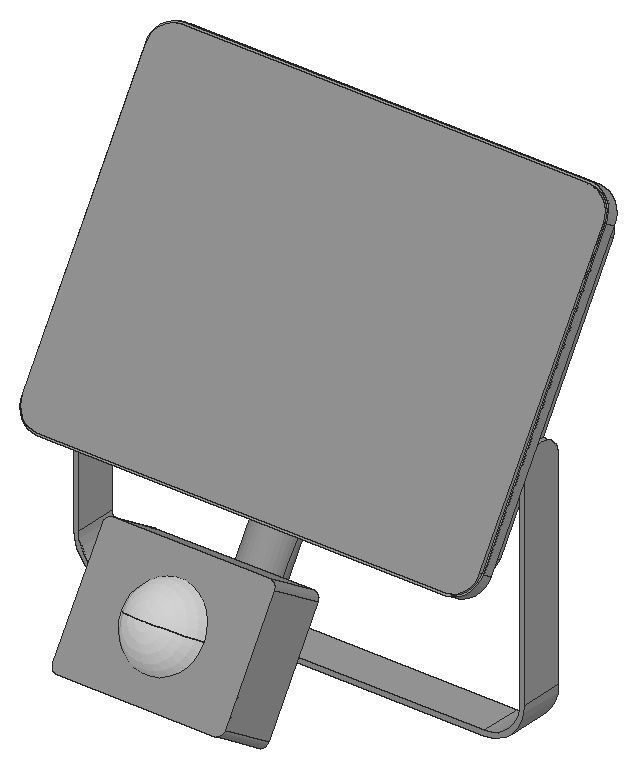
Revit family "0048243", category Lighting Fixtures, host Face, Revit 2016
Family settings
  Host = Face
  Part Type = Normal
  Round Connector Dimension = Use Diameter
  OmniClass Number = 23.80.70.00
  OmniClass Title = Lighting
  Cut with Voids When Loaded = No
  Light Source = No
  Shared = No
  Room Calculation Point = No
Parameters (values of type "0048243 START eco Flood Flat IP54 PIR 4500lm 840 White")
  WidthBracketIn_SYL = if([10W_SYL], 102.2 mm, if([30W_SYL], 143.3 mm, if([50W_SYL], 181 mm, 262.8 mm)))  # 181 mm
  Weight = "4.25 kg"
  Wattage Comments = ""
  WarrantyStartDate [instance] = "n/a"
  WarrantyGuarantorParts = "n/a"
  WarrantyDurationUnit = "n/a"
  WarrantyDurationParts = "n/a"
  WarrantyDescription = "n/a"
  Voltage = 0 V
  URL = "http://www.sylvania-lighting.com"
  TypeName = "START eco Flood Flat IP54 PIR 4500lm 840 White"
  TypeLight_SYL = START eco Flood Flat Lamp : 0048243 START eco Flood Flat IP54 PIR 4500lm 840 White
  Type Image = <None>
  Type Comments = "n/a"
  ThicknessBracket_SYL = if([10W_SYL], 1.5 mm, 2 mm)  # 2 mm
  SerialNumber [instance] = "n/a"
  RotationAngle_SYL [instance] = 32.00°
  RadiusBracket_SYL = if([10W_SYL], 7.7 mm, if([30W_SYL], 8 mm, if([50W_SYL], 17 mm, 14 mm)))  # 17 mm
  RadiusBracketIn_SYL = RadiusBracket_SYL - ThicknessBracket_SYL  # 15 mm
  OffsetAxis_SYL = DepthBracket_SYL / 2  # 8.5 mm
  PowerFactor = 0.9
  PowerConsumption = "51 W"
  NominalLength = 193 mm
  NominalHeight = 70 mm
  NominalDepth = 216 mm
  Name = "START eco Flood Flat IP54 PIR 4500lm 840 White"
  ModelReference = Name  # "START eco Flood Flat IP54 PIR 4500lm 840 White"
  ModelNumber = "0048243"
  Model = Name  # "START eco Flood Flat IP54 PIR 4500lm 840 White"
  Material = "adc12 housing"
  ManufacturerName = "Feilo Sylvania"
  Manufacturer = "Feilo Sylvania"
  LuminousEfficacy = "93 lm/W"
  LuminaireType = ""
  LightOutputRatio = "n/a"
  LampsType = Lamp  # "LED"
  LampNominalLuminous = "4750 lm"
  LampMacAdamStep = "n/a"
  LampColourTemperature = "4000 K"
  LampColourRenderingIndex = "80"
  Lamp = "LED"
  Keynote = "16500"
  InstallationDate [instance] = "n/a"
  InputVoltage = "n/a"
  InputNominalFrequency = "n/a"
  IngressProtection = "IP54"
  ImpactProtectionIndex = "IK05"
  IfcExportType = "IfcLightFixtureType"
  IfcExportAs = "IfcLightFixtureType"
  HeightBracket_SYL = if([10W_SYL], 55 mm, if([30W_SYL], 70 mm, if([50W_SYL], 110 mm, 141 mm)))  # 110 mm
  ExpectedLife = 30000
  EndAngle_SYL [instance] = RotationAngle_SYL + 180.00°  # 212.00°
  ElectricShockClassification = "Class I"
  DurationUnit = "hours"
  DocumentationLiterature = "http://www.sylvania-lighting.com/product/en-int/products/0048243"
  DimmingControlOptions = "n/a"
  Description = "The new Start eco Flood Flat comes with improved design. The streamlined, durable, lightweight die-cast aluminium body makes it a perfect choice for building facades, car parks, garages and construction areas. The product includes 1 m pre-wired stripped cable and fitting bracket for quick and easy installation and the universal mounting bracket allows wall or surface mounting with the possibility of vertical tilting. Black die-cast aluminum housing, white reflector, 4750 lm, 51 W, 93 lm/W, 4000K, drive current 193 mA, non dimmable, CRI>80, IP54, IK07 - fixture, IK05 - sensor, Class I, lumen maintenance L70:B50: 30000 hrs, 193 x 216 x 70 mm (L x W x H). Weight: 0.85kg.  PIR sensor included. Energy class: A++ A+ A."
  DepthBracket_SYL = if([10W_SYL], 15 mm, if([30W_SYL], 15 mm, if([50W_SYL], 17 mm, 25 mm)))  # 17 mm
  Default Elevation = 1219.2 mm
  CreatedOn = "10/8/2018"
  CreatedBy = "@sylvania-lighting.com"
  Cost = 0
  built-in parameter 1114216 [instance] = (empty or 0)
  ClassificationValue = "EF_70_80"
  ClassificationName = "Uniclass2015"
  Material_1_SYL = Body-Sylvania-FloodFlat-Black
  BarCode [instance] = "n/a"
  AssetType = "Fixed"
  AssetIdentifier [instance] = "n/a"
  Assembly Code = "D5020200"
  Apparent Load = 51 VA
  50W_SYL = yes
  30W_SYL = no
  10W_SYL = no
Reference planes
  plane 1 "Center (Front/Back)": y = 0
  plane 2: z = 0
  plane 3 "Center (Left/Right)": x = 0
  plane 4: x = -92.5
  plane 5: x = 92.5
  plane 6: z = 110
  plane 7: z = 101.5
  plane 8: x = -90.5
  plane 9: x = 90.5
  plane 10: z = 2
  plane 11: y = 8.5
  plane 12: y = -8.5
  plane 13: x = -75.5
  plane 14: z = 17
  plane 15: x = 75.5
  plane 16: y = -10.5
  plane 17: z = 112
  plane 18: y = 10.5
Forms (mm)
  Extrusion 1, solid, material "Body-Sylvania-FloodFlat-Black" <- "Material_1_SYL"
    sketch origin (0, 0, 0) x (1, 0, 0) y (0, 0, 1)
      loop
        line (-90.5, 110) -> (-92.5, 110) -> (-92.5, 17)
        arc (-92.5, 17) -> (-87.521, 4.979) -> (-75.5, 0) r 17
        line (-75.5, 0) -> (75.5, 0)
        arc (75.5, 0) -> (87.521, 4.979) -> (92.5, 17) r 17
        line (92.5, 17) -> (92.5, 110) -> (90.5, 110) -> (90.5, 17)
        arc (90.5, 17) -> (86.107, 6.393) -> (75.5, 2) r 15
        line (75.5, 2) -> (-75.5, 2)
        arc (-75.5, 2) -> (-86.107, 6.393) -> (-90.5, 17) r 15
        line (-90.5, 17) -> (-90.5, 110)
    from -8.5 to 8.5
  Extrusion 2, void
    sketch origin (0, 0, 0) x (0, 1, 0) y (0, 0, 1)
      loop
        line (8.5, 101.5) -> (10.5, 101.5) -> (10.5, 112) -> (-10.5, 112) -> (-10.5, 101.5) -> (-8.5, 101.5)
        arc (-8.5, 101.5) -> (0, 110) -> (8.5, 101.5) r 8.5
    from -92.5 to 92.5
  Revolve 3, solid, not visible
    sketch origin (0, 0, 0) x (1, 0, 0) y (0, 0, 1)
      loop
        line (0, 101.5) -> (0, 110) -> (-12.336, 110) -> (-12.336, 101.5) -> (0, 101.5)
      axis (0, 101.5) -> (-12.336, 101.5)
    angle from 32 <- "RotationAngle_SYL" to 212 <- "EndAngle_SYL"
Cuts and joins
  Extrusion 2 cuts Extrusion 1
Dimensions and locks
  equal spacing: plane 9, plane 3 "Center (Left/Right)", plane 8
  "WidthBracketIn_SYL": plane 9 to plane 8
  "ThicknessBracket_SYL": plane 8 to plane 4
  "ThicknessBracket_SYL": plane 5 to plane 9
  "ThicknessBracket_SYL": plane 10 to plane 2
  equal spacing: plane 12, plane 1 "Center (Front/Back)", plane 11
  "DepthBracket_SYL": plane 12 to plane 11
  "OffsetAxis_SYL": plane 7 to plane 6
  "HeightBracket_SYL": plane 6 to plane 2
  "RadiusBracket_SYL": plane 14 to plane 2
  equal spacing: plane 15, plane 3 "Center (Left/Right)", plane 13
  "RadiusBracket_SYL": plane 13 to plane 4
  equal spacing: plane 16, plane 1 "Center (Front/Back)", plane 18
  locked: plane 16 to plane 12 at 2
  locked: plane 6 to plane 17 at 2
  "RadiusBracket_SYL": radius of Extrusion 1 sketch curve  (x2)
  "RadiusBracketIn_SYL": radius of Extrusion 1 sketch curve  (x2)
  aligned and locked: plane 2 to host face
  aligned and locked: level to host face
  aligned and locked: Extrusion 1 sketch curve to plane 6  (x2)
  aligned and locked: Extrusion 1 sketch curve to plane 4
  aligned and locked: plane 5 to Extrusion 1 sketch curve
  aligned and locked: Extrusion 1 sketch curve to plane 9
  aligned and locked: Extrusion 1 sketch curve to plane 2
  aligned and locked: plane 13 to Extrusion 1 sketch curve
  aligned and locked: plane 14 to Extrusion 1 sketch curve  (x2)
  aligned and locked: plane 15 to Extrusion 1 sketch curve
  aligned and locked: Extrusion 1 to plane 11
  aligned and locked: plane 12 to Extrusion 1
  aligned and locked: plane 11 to Extrusion 2 sketch curve
  aligned and locked: plane 1 "Center (Front/Back)" to Extrusion 2 sketch curve
  aligned and locked: plane 7 to Extrusion 2 sketch curve
  aligned and locked: plane 17 to Extrusion 2 sketch curve
  aligned and locked: plane 18 to Extrusion 2 sketch curve
  aligned and locked: Extrusion 2 sketch curve to plane 16
  aligned and locked: Extrusion 2 sketch curve to plane 7  (x2)
  aligned and locked: plane 5 to Extrusion 2
  aligned and locked: Extrusion 2 to plane 4
  aligned and locked: Revolve 3 sketch curve to plane 7  (x2)
  aligned and locked: Revolve 3 sketch curve to plane 3 "Center (Left/Right)"
  aligned and locked: plane 6 to Revolve 3 sketch curve
  aligned and locked: plane 3 "Center (Left/Right)" to nested 1
Automatic sketch dimensions
  host sketch curve to host sketch curve = 2438.4 mm  (x2)
  Revolve 3 sketch curve to plane 3 "Center (Left/Right)" = 12.336 mm
  Revolve 3 sketch curve to plane 4 = 1122.5 mm
  plane 5 to Revolve 3 sketch curve = 1130.9 mm
Nested families
  nested 1: "START eco Flood Flat Lamp" at (0, 11.155, 119.351) x (1, 0, 0) z (0, -0.848, 0.5299), type <- "TypeLight_SYL", type "0048243 START eco Flood Flat IP54 PIR 4500lm 840 White"
    with built-in parameter 1114216 (empty or 0), Width_SYL 189 mm, WidthLEDBoard_SYL 80 mm, WidthVignette_SYL 157 mm, WidthBoltHousing_SYL 16 mm, ThicknessScreen_SYL 5.4 mm, RotationAxisFromTop_SYL 91.3 mm, RadiusLEDBoard_SYL 1.9 mm, RadiusDiffuser_SYL 9.9 mm, RadiusCorners_SYL 10.7 mm, RadiusBoltHousing_SYL 5 mm, RadiusBack_SYL 8.033 mm, RadiusBackB_SYL 6.033 mm, PIR_SYL yes, OffsetYBack_SYL 7.625 mm, OffsetYBackB_SYL 1.906 mm, OffsetXBack_SYL 8 mm, OffsetXBackB_SYL 2 mm, OffsetBoltHousing_SYL 4 mm, InsertionPlaneFromTop_SYL 14.8 mm, Height_SYL 140.5 mm, HeightVignette_SYL 110 mm, HeightLEDBoard_SYL 56 mm, DepthLEDBoard_SYL 2.478 mm, DepthBack_SYL 16.9 mm, RadiusVignette_SYL 4.1 mm, DepthReflector_SYL 11.15 mm, Apparent Load 51 VA, 50W_SYL yes
Connectors
  electrical at (0, 0, 0), driven by "Apparent Load", driven by "PowerFactor", driven by "Voltage"
    settings: index 1, voltage 0 V, apparent load 51 VA, apparent load phase1 0 VA, apparent load phase2 0 VA, apparent load phase3 0 VA, power factor 0.9, load classification "Lighting", number of poles 1, system type 30, power factor state 1, is connector primary yes, connector utility no, sub classification motor no, connector description ""
Definition of nested family "START eco Flood Flat Lamp"
  Parameters (values of type "0047977 ST E FLD FLT IP65 9000LM 840")
    Width_SYL = if([10W_SYL], 110 mm, if([30W_SYL], 151 mm, if([50W_SYL], 189 mm, 275 mm)))  # 275 mm
    WidthLEDBoard_SYL = if([10W_SYL], 40 mm, if([30W_SYL], 83 mm, if([50W_SYL], 80 mm, 180 mm)))  # 180 mm
    WidthVignette_SYL = if([10W_SYL], 78.6 mm, if([30W_SYL], 120 mm, if([50W_SYL], 157 mm, 226 mm)))  # 226 mm
    WidthBoltHousing_SYL = 4 * OffsetBoltHousing_SYL  # 24.5 mm
    Wattage Comments = "n/a"
    Wattage = 100 W
    built-in parameter 1150110 = 1 (stored number, unit not read)
    URL = "http://www.sylvania-lighting.com"
    Type Image = (empty or 0)
    Type Comments = "n/a"
    built-in parameter 1114217 = 1 (stored number, unit not read)
    Tilt Angle = -90.00°
    ThicknessScreen_SYL = if([10W_SYL], 5 mm, if([30W_SYL], 5.2 mm, if([50W_SYL], 5.4 mm, 6.1 mm)))  # 6.1 mm
    ThicknessDiffuser_SYL = 0.8 mm  # constant formula
    built-in parameter 1150109 = 1 (stored number, unit not read)
    built-in parameter 1150134 = 12
    built-in parameter 1150113 = 1 (stored number, unit not read)
    RotationAxisFromTop_SYL = if([10W_SYL], 48.8 mm, if([30W_SYL], 61.7 mm, if([50W_SYL], 91.3 mm, 133.4 mm)))  # 133.4 mm
    RadiusLEDBoard_SYL = if([10W_SYL], 1.5 mm, if([30W_SYL], 2 mm, if([50W_SYL], 1.9 mm, 3.7 mm)))  # 3.7 mm
    RadiusDiffuser_SYL = RadiusCorners_SYL - ThicknessDiffuser_SYL  # 13.4 mm
    RadiusCorners_SYL = if([10W_SYL], 10.5 mm, if([30W_SYL], 10.7 mm, if([50W_SYL], 10.7 mm, 14.2 mm)))  # 14.2 mm
    RadiusBoltHousing_SYL = if([10W_SYL], 4.1 mm, if([30W_SYL], 4.9 mm, if([50W_SYL], 5 mm, 8.1 mm)))  # 8.1 mm
    RadiusBack_SYL = RadiusCorners_SYL - OffsetXBack_SYL / 3  # 10.117 mm
    RadiusBackB_SYL = RadiusBack_SYL - OffsetXBackB_SYL  # 7.054 mm
    Photometric Web File = "0047977.ies"
    PIR_SYL = no
    PIRHolderRadius_SYL = PIRBaseFillet_SYL + 2 mm  # 11 mm
    PIRFillet_SYL = 3 mm  # constant formula
    PIRBaseWidth_SYL = 38 mm
    PIRBaseFillet_SYL = PIRBaseDepth_SYL / 2  # 9 mm
    PIRBaseDepth_SYL = 18 mm
    OffsetYBack_SYL = (Height_SYL - HeightVignette_SYL) / 4  # 11 mm
    OffsetYBackB_SYL = OffsetYBack_SYL / 4  # 2.75 mm
    OffsetXBack_SYL = (Width_SYL - WidthVignette_SYL) / 4  # 12.25 mm
    OffsetXBackB_SYL = OffsetXBack_SYL / 4  # 3.063 mm
    OffsetBoltHousing_SYL = OffsetXBack_SYL / 2  # 6.125 mm
    Material_7_SYL = none
    Material_6_SYL = none
    Material_5_SYL = none
    Material_3_SYL = none
    Model = "START eco Flood Flat IP65 9000lm 840"
    Manufacturer = "Feilo Sylvania"
    built-in parameter 1150105 = 3437 (stored number, unit not read)
    Lumens = 9500 lm
    built-in parameter 1150115 = 1 (stored number, unit not read)
    built-in parameter 1150137 = (empty or 0)
    built-in parameter 1150139 = (empty or 0)
    built-in parameter 1150112 = 1 (stored number, unit not read)
    built-in parameter 1150114 = 1 (stored number, unit not read)
    Lamp = "LED"
    Keynote = "16500"
    Material_2_SYL = none
    InsertionPlaneFromTop_SYL = if([10W_SYL], 15.1 mm, if([30W_SYL], 14.5 mm, if([50W_SYL], 14.8 mm, 19.3 mm)))  # 19.3 mm
    built-in parameter 1150132 = (empty or 0)
    built-in parameter 1150102 = (empty or 0)
    built-in parameter 1150107 = 4000 (stored number, unit not read)
    built-in parameter 1150138 = (empty or 0)
    built-in parameter 1150106 = 34.37 (stored number, unit not read)
    Height_SYL = if([10W_SYL], 81.6 mm, if([30W_SYL], 112 mm, if([50W_SYL], 140.5 mm, 211 mm)))  # 211 mm
    HeightVignette_SYL = if([10W_SYL], 50 mm, if([30W_SYL], 81 mm, if([50W_SYL], 110 mm, 167 mm)))  # 167 mm
    HeightLEDBoard_SYL = if([10W_SYL], 25 mm, if([30W_SYL], 39 mm, if([50W_SYL], 56 mm, 132 mm)))  # 132 mm
    Emit from Rectangle Width = HeightVignette_SYL - 2 * RadiusVignette_SYL  # 146.2 mm
    Emit from Rectangle Length = WidthVignette_SYL - 2 * RadiusVignette_SYL  # 205.2 mm
    Emit Shape Visible in Rendering = no
    built-in parameter 1150104 = 8.8258 (stored number, unit not read)
    Dimming Lamp Color Temperature Shift = (empty or 0)
    DepthLEDBoard_SYL = (ThicknessScreen_SYL + DepthBack_SYL) / 9  # 2.289 mm
    DepthBack_SYL = if([10W_SYL], 10.2 mm, if([30W_SYL], 14.7 mm, if([50W_SYL], 16.9 mm, 14.5 mm)))  # 14.5 mm
    RadiusVignette_SYL = if([10W_SYL], 4.1 mm, if([30W_SYL], 4.1 mm, if([50W_SYL], 4.1 mm, 10.4 mm)))  # 10.4 mm
    Description = "The new Start eco Flood Flat comes with improved design. The streamlined, durable, lightweight die-cast aluminium body makes it a perfect choice for building facades, car parks, garages and construction areas. The product includes 1 m pre-wired stripped cable and fitting bracket for quick and easy installation and the universal mounting bracket allows wall or surface mounting with the possibility of vertical tilting. Black die-cast aluminum housing, white reflector, 9500 lm, 100 W, 95 lm/W, 4000K, drive current 386 mA, non dimmable, CRI>80, IP65, IK07, Class I, lumen maintenance L70:B50: 30000 hrs, 283 x 263 x 44 mm (L x W x H). Weight: 1.775kg. Energy class: A++ A+ A."
    DepthReflector_SYL = (ThicknessScreen_SYL + DepthBack_SYL) / 2  # 10.3 mm
    Default Elevation = 1219.2 mm
    Cost = 0
    Color Filter = 16777215
    built-in parameter 1114216 [instance] = (empty or 0)
    Material_1_SYL = none
    built-in parameter 1114218 = 1 (stored number, unit not read)
    built-in parameter 1150133 = 10 (stored number, unit not read)
    Assembly Code = "D5020200"
    Apparent Load = 100 VA
    Material_4_SYL = none
    50W_SYL = no
    30W_SYL = no
    10W_SYL = no
  Types (16, lengths in mm): name | Width_SYL | WidthLEDBoard_SYL | WidthVignette_SYL | WidthBoltHousing_SYL | Wattage | ThicknessScreen_SYL | built-in parameter 1150134 | RotationAxisFromTop_SYL | RadiusLEDBoard_SYL | RadiusDiffuser_SYL | RadiusCorners_SYL | RadiusBoltHousing_SYL | RadiusBack_SYL | RadiusBackB_SYL | Photometric Web File | PIR_SYL | OffsetYBack_SYL | OffsetYBackB_SYL | OffsetXBack_SYL | OffsetXBackB_SYL | OffsetBoltHousing_SYL | Model | built-in parameter 1150105 | Lumens | InsertionPlaneFromTop_SYL | built-in parameter 1150107 | built-in parameter 1150106 | Height_SYL | HeightVignette_SYL | HeightLEDBoard_SYL | Emit from Rectangle Width | Emit from Rectangle Length | built-in parameter 1150104 | DepthLEDBoard_SYL | DepthBack_SYL | RadiusVignette_SYL | Description | DepthReflector_SYL | Apparent Load | 50W_SYL | 30W_SYL | 10W_SYL
    0047977 ST E FLD FLT IP65 9000LM 840 | 275 | 180 | 226 | 24.5 | 100 W | 6.1 | 12 | 133.4 | 3.7 | 13.4 | 14.2 | 8.1 | 10.117 | 7.054 | "0047977.ies" | no | 11 | 2.75 | 12.25 | 3.063 | 6.125 | "START eco Flood Flat IP65 9000lm 840" | 3437 (stored number, unit not read) | 9500 lm | 19.3 | 4000 (stored number, unit not read) | 34.37 (stored number, unit not read) | 211 | 167 | 132 | 146.2 | 205.2 | 8.8258 (stored number, unit not read) | 2.289 | 14.5 | 10.4 | "The new Start eco Flood Flat comes with improved design. The streamlined, durable, lightweight die-cast aluminium body makes it a perfect choice for building facades, car parks, garages and construction areas. The product includes 1 m pre-wired stripped cable and fitting bracket for quick and easy installation and the universal mounting bracket allows wall or surface mounting with the possibility of vertical tilting. Black die-cast aluminum housing, white reflector, 9500 lm, 100 W, 95 lm/W, 4000K, drive current 386 mA, non dimmable, CRI>80, IP65, IK07, Class I, lumen maintenance L70:B50: 30000 hrs, 283 x 263 x 44 mm (L x W x H). Weight: 1.775kg. Energy class: A++ A+ A." | 10.3 | 100 VA | no | no | no
    0047976 ST E FLD FLT IP65 9000LM 830 | 275 | 180 | 226 | 24.5 | 100 W | 6.1 | (empty or 0) | 133.4 | 3.7 | 13.4 | 14.2 | 8.1 | 10.117 | 7.054 | "0047976.ies" | no | 11 | 2.75 | 12.25 | 3.063 | 6.125 | "START eco Flood Flat IP65 9000lm 830" | 3256.1 (stored number, unit not read) | 9000 lm | 19.3 | 3000 (stored number, unit not read) | 32.561 (stored number, unit not read) | 211 | 167 | 132 | 146.2 | 205.2 | 8.3613 (stored number, unit not read) | 2.289 | 14.5 | 10.4 | "The new Start eco Flood Flat comes with improved design. The streamlined, durable, lightweight die-cast aluminium body makes it a perfect choice for building facades, car parks, garages and construction areas. The product includes 1 m pre-wired stripped cable and fitting bracket for quick and easy installation and the universal mounting bracket allows wall or surface mounting with the possibility of vertical tilting. Black die-cast aluminum housing, white reflector, 9000 lm, 100 W, 90 lm/W, 3000K, drive current 386 mA, non dimmable, CRI>80, IP65, IK07, Class I, lumen maintenance L70:B50: 30000 hrs, 283 x 263 x 44 mm (L x W x H). Weight: 1.775kg. Energy class: A++ A+ A." | 10.3 | 100 VA | no | no | no
    0047973 ST E FLD FLT IP65 6500LM 840 | 275 | 180 | 226 | 24.5 | 70 W | 6.1 | 12 | 133.4 | 3.7 | 13.4 | 14.2 | 8.1 | 10.117 | 7.054 | "0047973.ies" | no | 11 | 2.75 | 12.25 | 3.063 | 6.125 | "START eco Flood Flat IP65 6500lm 840" | 2460.1 (stored number, unit not read) | 6650 lm | 19.3 | 4000 (stored number, unit not read) | 24.601 (stored number, unit not read) | 211 | 167 | 132 | 146.2 | 205.2 | 8.8258 (stored number, unit not read) | 2.289 | 14.5 | 10.4 | "The new Start eco Flood Flat comes with improved design. The streamlined, durable, lightweight die-cast aluminium body makes it a perfect choice for building facades, car parks, garages and construction areas. The product includes 1 m pre-wired stripped cable and fitting bracket for quick and easy installation and the universal mounting bracket allows wall or surface mounting with the possibility of vertical tilting. Black die-cast aluminum housing, white reflector, 6650 lm, 70 W, 95 lm/W, 4000K, drive current 270 mA, non dimmable, CRI>80, IP65, IK07, Class I, lumen maintenance L70:B50: 30000 hrs, 283 x 263 x 44 mm (L x W x H). Weight: 1.775kg. Energy class: A++ A+ A." | 10.3 | 70 VA | no | no | no
    0047972 ST E FLD FLT IP65 6500LM 830 | 275 | 180 | 226 | 24.5 | 70 W | 6.1 | (empty or 0) | 133.4 | 3.7 | 13.4 | 14.2 | 8.1 | 10.117 | 7.054 | "0047972.ies" | no | 11 | 2.75 | 12.25 | 3.063 | 6.125 | "START eco Flood Flat IP65 6500lm 830" | 2330.6 (stored number, unit not read) | 6300 lm | 19.3 | 3000 (stored number, unit not read) | 23.306 (stored number, unit not read) | 211 | 167 | 132 | 146.2 | 205.2 | 8.3613 (stored number, unit not read) | 2.289 | 14.5 | 10.4 | "The new Start eco Flood Flat comes with improved design. The streamlined, durable, lightweight die-cast aluminium body makes it a perfect choice for building facades, car parks, garages and construction areas. The product includes 1 m pre-wired stripped cable and fitting bracket for quick and easy installation and the universal mounting bracket allows wall or surface mounting with the possibility of vertical tilting. Black die-cast aluminum housing, white reflector, 6300 lm, 70 W, 90 lm/W, 3000K, drive current 270 mA, non dimmable, CRI>80, IP65, IK07, Class I, lumen maintenance L70:B50: 30000 hrs, 283 x 263 x 44 mm (L x W x H). Weight: 1.775kg. Energy class: A++ A+ A." | 10.3 | 70 VA | no | no | no
    0047971 ST E FLD FLT IP54 PIR 4500LM 840 | 189 | 80 | 157 | 16 | 51 W | 5.4 | 12 | 91.3 | 1.9 | 9.9 | 10.7 | 5 | 8.033 | 6.033 | "0047971.ies" | yes | 7.625 | 1.906 | 8 | 2 | 4 | "START eco Flood Flat IP54 PIR 4500lm 840" | 1695.8 (stored number, unit not read) | 4743 lm | 14.8 | 4000 (stored number, unit not read) | 16.958 (stored number, unit not read) | 140.5 | 110 | 56 | 101.8 | 148.8 | 8.64 (stored number, unit not read) | 2.478 | 16.9 | 4.1 | "The new Start eco Flood Flat comes with improved design. The streamlined, durable, lightweight die-cast aluminium body makes it a perfect choice for building facades, car parks, garages and construction areas. The product includes 1 m pre-wired stripped cable and fitting bracket for quick and easy installation and the universal mounting bracket allows wall or surface mounting with the possibility of vertical tilting. Black die-cast aluminum housing, white reflector, 4750 lm, 51 W, 93 lm/W, 4000K, drive current 193 mA, non dimmable, CRI>80, IP54, IK07 - fixture, IK05 - sensor, Class I, lumen maintenance L70:B50: 30000 hrs, 193 x 216 x 70 mm (L x W x H). Weight: 0.85kg.  PIR sensor included. Energy class: A++ A+ A." | 11.15 | 51 VA | yes | no | no
    0047970 ST E FLD FLT IP54 PIR 4500LM 830 | 189 | 80 | 157 | 16 | 51 W | 5.4 | (empty or 0) | 91.3 | 1.9 | 9.9 | 10.7 | 5 | 8.033 | 6.033 | "0047970.ies" | yes | 7.625 | 1.906 | 8 | 2 | 4 | "START eco Flood Flat IP54 PIR 4500lm 830" | 1604.6 (stored number, unit not read) | 4488 lm | 14.8 | 3000 (stored number, unit not read) | 16.046 (stored number, unit not read) | 140.5 | 110 | 56 | 101.8 | 148.8 | 8.1755 (stored number, unit not read) | 2.478 | 16.9 | 4.1 | "The new Start eco Flood Flat comes with improved design. The streamlined, durable, lightweight die-cast aluminium body makes it a perfect choice for building facades, car parks, garages and construction areas. The product includes 1 m pre-wired stripped cable and fitting bracket for quick and easy installation and the universal mounting bracket allows wall or surface mounting with the possibility of vertical tilting. Black die-cast aluminum housing, white reflector, 4500 lm, 51 W, 88 lm/W, 3000K, drive current 193 mA, non dimmable, CRI>80, IP54, IK07 - fixture, IK05 - sensor, Class I, lumen maintenance L70:B50: 30000 hrs, 193 x 216 x 70 mm (L x W x H). Weight: 0.85kg.  PIR sensor included. Energy class: A++ A+ A." | 11.15 | 51 VA | yes | no | no
    0047969 ST E FLD FLT IP65 4500LM 840 | 189 | 80 | 157 | 16 | 50 W | 5.4 | 12 | 91.3 | 1.9 | 9.9 | 10.7 | 5 | 8.033 | 6.033 | "0047969.ies" | no | 7.625 | 1.906 | 8 | 2 | 4 | "START eco Flood Flat IP65 4500lm 840" | 1698.3 (stored number, unit not read) | 4750 lm | 14.8 | 4000 (stored number, unit not read) | 16.983 (stored number, unit not read) | 140.5 | 110 | 56 | 101.8 | 148.8 | 8.8258 (stored number, unit not read) | 2.478 | 16.9 | 4.1 | "The new Start eco Flood Flat comes with improved design. The streamlined, durable, lightweight die-cast aluminium body makes it a perfect choice for building facades, car parks, garages and construction areas. The product includes 1 m pre-wired stripped cable and fitting bracket for quick and easy installation and the universal mounting bracket allows wall or surface mounting with the possibility of vertical tilting. Black die-cast aluminum housing, white reflector, 4750 lm, 50 W, 95 lm/W, 4000K, drive current 193 mA, non dimmable, CRI>80, IP65, IK07, Class I, lumen maintenance L70:B50: 30000 hrs, 193 x 190 x 48 mm (L x W x H). Weight: 0.785kg. Energy class: A++ A+ A." | 11.15 | 50 VA | yes | no | no
    0047968 ST E FLD FLT IP65 4500LM 830 | 189 | 80 | 157 | 16 | 50 W | 5.4 | (empty or 0) | 91.3 | 1.9 | 9.9 | 10.7 | 5 | 8.033 | 6.033 | "0047968.ies" | no | 7.625 | 1.906 | 8 | 2 | 4 | "START eco Flood Flat IP65 4500lm 830" | 1608.9 (stored number, unit not read) | 4500 lm | 14.8 | 3000 (stored number, unit not read) | 16.089 (stored number, unit not read) | 140.5 | 110 | 56 | 101.8 | 148.8 | 8.3613 (stored number, unit not read) | 2.478 | 16.9 | 4.1 | "The new Start eco Flood Flat comes with improved design. The streamlined, durable, lightweight die-cast aluminium body makes it a perfect choice for building facades, car parks, garages and construction areas. The product includes 1 m pre-wired stripped cable and fitting bracket for quick and easy installation and the universal mounting bracket allows wall or surface mounting with the possibility of vertical tilting. Black die-cast aluminum housing, white reflector, 4500 lm, 50 W, 90 lm/W, 3000K, drive current 193 mA, non dimmable, CRI>80, IP65, IK07, Class I, lumen maintenance L70:B50: 30000 hrs, 193 x 190 x 48 mm (L x W x H). Weight: 0.785kg. Energy class: A++ A+ A." | 11.15 | 50 VA | yes | no | no
    0047967 ST E FLD FLT IP54 PIR 2800LM 840 | 151 | 83 | 120 | 15.5 | 31 W | 5.2 | 12 | 61.7 | 2 | 9.9 | 10.7 | 4.9 | 8.117 | 6.179 | "0047967.ies" | yes | 7.75 | 1.938 | 7.75 | 1.938 | 3.875 | "START eco Flood Flat IP54 PIR 2800lm 840" | 1045.5 (stored number, unit not read) | 2852 lm | 14.5 | 4000 (stored number, unit not read) | 10.455 (stored number, unit not read) | 112 | 81 | 39 | 72.8 | 111.8 | 8.5471 (stored number, unit not read) | 2.211 | 14.7 | 4.1 | "The new Start eco Flood Flat comes with improved design. The streamlined, durable, lightweight die-cast aluminium body makes it a perfect choice for building facades, car parks, garages and construction areas. The product includes 1 m pre-wired stripped cable and fitting bracket for quick and easy installation and the universal mounting bracket allows wall or surface mounting with the possibility of vertical tilting. Black die-cast aluminum housing, white reflector, 2850 lm, 31 W, 92 lm/W, 4000K, drive current 116 mA, non dimmable, CRI>80, IP54, IK06 - fixture, IK05 - sensor, Class I, lumen maintenance L70:B50: 30000 hrs, 156 x 178 x 67 mm (L x W x H). Weight: 0.61kg.  PIR sensor included. Energy class: A++ A+ A." | 9.95 | 31 VA | no | yes | no
    0047966 ST E FLD FLT IP54 PIR 2800LM 830 | 151 | 83 | 120 | 15.5 | 31 W | 5.2 | (empty or 0) | 61.7 | 2 | 9.9 | 10.7 | 4.9 | 8.117 | 6.179 | "0047966.ies" | yes | 7.75 | 1.938 | 7.75 | 1.938 | 3.875 | "START eco Flood Flat IP54 PIR 2800lm 830" | 988.72 (stored number, unit not read) | 2697 lm | 14.5 | 3000 (stored number, unit not read) | 9.8872 (stored number, unit not read) | 112 | 81 | 39 | 72.8 | 111.8 | 8.0826 (stored number, unit not read) | 2.211 | 14.7 | 4.1 | "The new Start eco Flood Flat comes with improved design. The streamlined, durable, lightweight die-cast aluminium body makes it a perfect choice for building facades, car parks, garages and construction areas. The product includes 1 m pre-wired stripped cable and fitting bracket for quick and easy installation and the universal mounting bracket allows wall or surface mounting with the possibility of vertical tilting. Black die-cast aluminum housing, white reflector, 2700 lm, 31 W, 87 lm/W, 3000K, drive current 116 mA, non dimmable, CRI>80, IP54, IK06 - fixture, IK05 - sensor, Class I, lumen maintenance L70:B50: 30000 hrs, 156 x 178 x 67 mm (L x W x H). Weight: 0.61kg.  PIR sensor included. Energy class: A++ A+ A." | 9.95 | 31 VA | no | yes | no
    0047965 ST E FLD FLT IP65 2800LM 840 | 151 | 83 | 120 | 15.5 | 30 W | 5.2 | 12 | 61.7 | 2 | 9.9 | 10.7 | 4.9 | 8.117 | 6.179 | "0047965.ies" | no | 7.75 | 1.938 | 7.75 | 1.938 | 3.875 | "START eco Flood Flat IP65 2800lm 840" | 1044.8 (stored number, unit not read) | 2850 lm | 14.5 | 4000 (stored number, unit not read) | 10.448 (stored number, unit not read) | 112 | 81 | 39 | 72.8 | 111.8 | 8.8258 (stored number, unit not read) | 2.211 | 14.7 | 4.1 | "The new Start eco Flood Flat comes with improved design. The streamlined, durable, lightweight die-cast aluminium body makes it a perfect choice for building facades, car parks, garages and construction areas. The product includes 1 m pre-wired stripped cable and fitting bracket for quick and easy installation and the universal mounting bracket allows wall or surface mounting with the possibility of vertical tilting. Black die-cast aluminum housing, white reflector, 2850 lm, 30 W, 95 lm/W, 4000K, drive current 116 mA, non dimmable, CRI>80, IP65, IK06, Class I, lumen maintenance L70:B50: 30000 hrs, 156 x 126 x 38 mm (L x W x H). Weight: 0.545kg. Energy class: A++ A+ A." | 9.95 | 30 VA | no | yes | no
    0047964 ST E FLD FLT IP65 2800LM 830 | 151 | 83 | 120 | 15.5 | 30 W | 5.2 | (empty or 0) | 61.7 | 2 | 9.9 | 10.7 | 4.9 | 8.117 | 6.179 | "0047964.ies" | no | 7.75 | 1.938 | 7.75 | 1.938 | 3.875 | "START eco Flood Flat IP65 2800lm 830" | 989.82 (stored number, unit not read) | 2700 lm | 14.5 | 3000 (stored number, unit not read) | 9.8982 (stored number, unit not read) | 112 | 81 | 39 | 72.8 | 111.8 | 8.3613 (stored number, unit not read) | 2.211 | 14.7 | 4.1 | "The new Start eco Flood Flat comes with improved design. The streamlined, durable, lightweight die-cast aluminium body makes it a perfect choice for building facades, car parks, garages and construction areas. The product includes 1 m pre-wired stripped cable and fitting bracket for quick and easy installation and the universal mounting bracket allows wall or surface mounting with the possibility of vertical tilting. Black die-cast aluminum housing, white reflector, 2700 lm, 30 W, 90 lm/W, 3000K, drive current 116 mA, non dimmable, CRI>80, IP65, IK06, Class I, lumen maintenance L70:B50: 30000 hrs, 156 x 126 x 38 mm (L x W x H). Weight: 0.545kg. Energy class: A++ A+ A." | 9.95 | 30 VA | no | yes | no
    0047963 ST E FLD FLT IP54 PIR 900LM 840 | 110 | 40 | 78.6 | 15.7 | 11 W | 5 | 12 | 48.8 | 1.5 | 9.7 | 10.5 | 4.1 | 7.883 | 5.921 | "0047963.ies" | yes | 7.9 | 1.975 | 7.85 | 1.963 | 3.925 | "START eco Flood Flat IP54 PIR 900lm 840" | 365.78 (stored number, unit not read) | 946 lm | 15.1 | 4000 (stored number, unit not read) | 3.6578 (stored number, unit not read) | 81.6 | 50 | 25 | 41.8 | 70.4 | 7.9897 (stored number, unit not read) | 1.689 | 10.2 | 4.1 | "The new Start eco Flood Flat comes with improved design. The streamlined, durable, lightweight die-cast aluminium body makes it a perfect choice for building facades, car parks, garages and construction areas. The product includes 1 m pre-wired stripped cable and fitting bracket for quick and easy installation and the universal mounting bracket allows wall or surface mounting with the possibility of vertical tilting. Black die-cast aluminum housing, white reflector, 950 lm, 11 W, 86 lm/W, 4000K, drive current 38.6 mA, non dimmable, CRI>80, IP54, IK06 - fixture, IK05 - sensor, Class I, lumen maintenance L70:B50: 30000 hrs, 156 x 178 x 67 mm (L x W x H). Weight: 0.61kg.  PIR sensor included. Energy class: A++ A+ A." | 7.6 | 11 VA | no | no | yes
    0047962 ST E FLD FLT IP54 PIR 900LM 830 | 110 | 40 | 78.6 | 15.7 | 11 W | 5 | (empty or 0) | 48.8 | 1.5 | 9.7 | 10.5 | 4.1 | 7.883 | 5.921 | "0047962.ies" | yes | 7.9 | 1.975 | 7.85 | 1.963 | 3.925 | "START eco Flood Flat IP54 PIR 900lm 830" | 345.53 (stored number, unit not read) | 902 lm | 15.1 | 3000 (stored number, unit not read) | 3.4553 (stored number, unit not read) | 81.6 | 50 | 25 | 41.8 | 70.4 | 7.618 (stored number, unit not read) | 1.689 | 10.2 | 4.1 | "The new Start eco Flood Flat comes with improved design. The streamlined, durable, lightweight die-cast aluminium body makes it a perfect choice for building facades, car parks, garages and construction areas. The product includes 1 m pre-wired stripped cable and fitting bracket for quick and easy installation and the universal mounting bracket allows wall or surface mounting with the possibility of vertical tilting. Black die-cast aluminum housing, white reflector, 900 lm, 11 W, 82 lm/W, 3000K, drive current 38.6 mA, non dimmable, CRI>80, IP54, IK06 - fixture, IK05 - sensor, Class I, lumen maintenance L70:B50: 30000 hrs, 156 x 178 x 67 mm (L x W x H). Weight: 0.61kg.  PIR sensor included. Energy class: A++ A+ A." | 7.6 | 11 VA | no | no | yes
    0047961 ST E FLD FLT IP65 900LM 840 | 110 | 40 | 78.6 | 15.7 | 10 W | 5 | 12 | 48.8 | 1.5 | 9.7 | 10.5 | 4.1 | 7.883 | 5.921 | "0047961.ies" | no | 7.9 | 1.975 | 7.85 | 1.963 | 3.925 | "START eco Flood Flat IP65 900lm 840" | 367.33 (stored number, unit not read) | 950 lm | 15.1 | 4000 (stored number, unit not read) | 3.6733 (stored number, unit not read) | 81.6 | 50 | 25 | 41.8 | 70.4 | 8.8258 (stored number, unit not read) | 1.689 | 10.2 | 4.1 | "The new Start eco Flood Flat comes with improved design. The streamlined, durable, lightweight die-cast aluminium body makes it a perfect choice for building facades, car parks, garages and construction areas. The product includes 1 m pre-wired stripped cable and fitting bracket for quick and easy installation and the universal mounting bracket allows wall or surface mounting with the possibility of vertical tilting. Black die-cast aluminum housing, white reflector, 950 lm, 10 W, 95 lm/W, 4000K, drive current 38.6 mA, non dimmable, CRI>80, IP65, IK06, Class I, lumen maintenance L70:B50: 30000 hrs, 114 x 96 x 38 mm (L x W x H). Weight: 0.33kg. Energy class: A++ A+ A." | 7.6 | 10 VA | no | no | yes
    0047960 ST E FLD FLT IP65 900LM 830 | 110 | 40 | 78.6 | 15.7 | 10 W | 5 | (empty or 0) | 48.8 | 1.5 | 9.7 | 10.5 | 4.1 | 7.883 | 5.921 | "0047960.ies" | no | 7.9 | 1.975 | 7.85 | 1.963 | 3.925 | "START eco Flood Flat IP65 900lm 830" | 344.76 (stored number, unit not read) | 900 lm | 15.1 | 3000 (stored number, unit not read) | 3.4476 (stored number, unit not read) | 81.6 | 50 | 25 | 41.8 | 70.4 | 8.3613 (stored number, unit not read) | 1.689 | 10.2 | 4.1 | "The new Start eco Flood Flat comes with improved design. The streamlined, durable, lightweight die-cast aluminium body makes it a perfect choice for building facades, car parks, garages and construction areas. The product includes 1 m pre-wired stripped cable and fitting bracket for quick and easy installation and the universal mounting bracket allows wall or surface mounting with the possibility of vertical tilting. Black die-cast aluminum housing, white reflector, 900 lm, 10 W, 90 lm/W, 3000K, drive current 38.6 mA, non dimmable, CRI>80, IP65, IK06, Class I, lumen maintenance L70:B50: 30000 hrs, 114 x 96 x 38 mm (L x W x H). Weight: 0.33kg. Energy class: A++ A+ A." | 7.6 | 10 VA | no | no | yes
  Reference planes
    plane 1 "Center (Front/Back)": y = 0
    plane 2: z = 0
    plane 3 "Center (Left/Right)": x = 0
    plane 4: y = 105.5
    plane 5: y = -105.5
    plane 6: x = 137.5
    plane 7: x = -137.5
    plane 8: y = 83.5
    plane 9: y = -83.5
    plane 10: x = -113
    plane 11: x = 113
    plane 12: x = -123.3
    plane 13: y = 91.3
    plane 14: y = -91.3
    plane 15: x = 123.3
    plane 16: x = -102.6
    plane 17: y = 73.1
    plane 18: x = 102.6
    plane 19: y = -73.1
    plane 20: z = 19.3
    plane 21: z = 13.2
    plane 22: z = 9
    plane 23: z = -1.3
    plane 24: x = -125.25
    plane 25: y = 94.5
    plane 26: y = -94.5
    plane 27: x = 125.25
    plane 28: x = -122.187
    plane 29: x = 122.188
    plane 30: y = 91.75
    plane 31: y = -91.75
    plane 32: z = 18.5
    plane 33: x = -90
    plane 34: x = 90
    plane 35: y = 66
    plane 36: y = -66
    plane 37: z = 6.711
    plane 38: x = -136.7
    plane 39: y = 104.7
    plane 40: y = -104.7
    plane 41: x = 136.7
    plane 42: x = -131.375
    plane 43: x = 131.375
    plane 44: x = -106.875
    plane 45: x = 106.875
    plane 46 "RotationAxis": y = -27.9
    plane 47: y = -19.8
    plane 48: x = -19
    plane 49: x = 19
    plane 50: z = -10.3
    plane 51: z = 7.7
    plane 52: x = 10
    plane 53: x = -10
    plane 54: y = -155.5
    plane 55: y = -137.5
    plane 56: y = -146.5
    plane 57: x = -9
    plane 58: x = 9
    plane 59: y = -119.7
    plane 60: y = -173.3
    plane 61: x = -35.3
    plane 62: x = 35.3
    plane 63: z = 39.2
    plane 64: z = 33.7
  Forms (mm)
    Extrusion 1, solid
      sketch origin (4.2, 0, 0) x (1, 0, 0) y (0, 1, 0)
        loop
          line (-1219.2, 1219.2) -> (-1219.2, -1219.2) -> (1219.2, -1219.2) -> (1219.2, 1219.2) -> (-1219.2, 1219.2)
      from 0 to -68.017
    Extrusion 2, solid, material <- "Material_1_SYL"
      sketch origin (1223.4, -4572, 19.3) x (0, -1, 0) y (-1, 0, 0)
        loop
          line (-4677.5, 1346.7) -> (-4677.5, 1100.1)
          arc (-4677.5, 1100.1) -> (-4673.341, 1090.059) -> (-4663.3, 1085.9) r 14.2
          line (-4663.3, 1085.9) -> (-4480.7, 1085.9)
          arc (-4480.7, 1085.9) -> (-4470.659, 1090.059) -> (-4466.5, 1100.1) r 14.2
          line (-4466.5, 1100.1) -> (-4466.5, 1346.7)
          arc (-4466.5, 1346.7) -> (-4470.659, 1356.741) -> (-4480.7, 1360.9) r 14.2
          line (-4480.7, 1360.9) -> (-4663.3, 1360.9)
          arc (-4663.3, 1360.9) -> (-4673.341, 1356.741) -> (-4677.5, 1346.7) r 14.2
      from 6.1 to 0.8
    Blend 3, solid, material <- "Material_1_SYL"
      base sketch origin (1223.4, -4572, 13.2) x (0, -1, 0) y (1, 0, 0)
        loop
          arc (-4666.5, -1338.533) -> (-4663.537, -1345.687) -> (-4656.383, -1348.65) r 10.117
          line (-4656.383, -1348.65) -> (-4487.617, -1348.65)
          arc (-4487.617, -1348.65) -> (-4480.463, -1345.687) -> (-4477.5, -1338.533) r 10.117
          line (-4477.5, -1338.533) -> (-4477.5, -1108.267)
          arc (-4477.5, -1108.267) -> (-4480.463, -1101.113) -> (-4487.617, -1098.15) r 10.117
          line (-4487.617, -1098.15) -> (-4656.383, -1098.15)
          arc (-4656.383, -1098.15) -> (-4663.537, -1101.113) -> (-4666.5, -1108.267) r 10.117
          line (-4666.5, -1108.267) -> (-4666.5, -1338.533)
      top sketch origin (1223.4, -4572, 13.2) x (0, -1, 0) y (1, 0, 0)
        loop
          arc (-4663.75, -1338.533) -> (-4661.684, -1343.521) -> (-4656.696, -1345.588) r 7.054
          line (-4656.696, -1345.588) -> (-4487.304, -1345.588)
          arc (-4487.304, -1345.588) -> (-4482.316, -1343.521) -> (-4480.25, -1338.533) r 7.054
          line (-4480.25, -1338.533) -> (-4480.25, -1108.267)
          arc (-4480.25, -1108.267) -> (-4482.316, -1103.279) -> (-4487.304, -1101.213) r 7.054
          line (-4487.304, -1101.213) -> (-4656.696, -1101.213)
          arc (-4656.696, -1101.213) -> (-4661.684, -1103.279) -> (-4663.75, -1108.267) r 7.054
          line (-4663.75, -1108.267) -> (-4663.75, -1338.533)
      from 0 to -14.5
    Blend 4, void
      base sketch origin (1223.4, -4572, 18.5) x (-1, 0, 0) y (0, -1, 0)
        loop
          arc (1326, -4655.5) -> (1333.354, -4652.454) -> (1336.4, -4645.1) r 10.4
          line (1336.4, -4645.1) -> (1336.4, -4498.9)
          arc (1336.4, -4498.9) -> (1333.354, -4491.546) -> (1326, -4488.5) r 10.4
          line (1326, -4488.5) -> (1120.8, -4488.5)
          arc (1120.8, -4488.5) -> (1113.446, -4491.546) -> (1110.4, -4498.9) r 10.4
          line (1110.4, -4498.9) -> (1110.4, -4645.1)
          arc (1110.4, -4645.1) -> (1113.446, -4652.454) -> (1120.8, -4655.5) r 10.4
          line (1120.8, -4655.5) -> (1326, -4655.5)
      top sketch origin (1223.4, -4572, 18.5) x (0, -1, 0) y (1, 0, 0)
        loop
          arc (-4638, -1309.7) -> (-4636.916, -1312.316) -> (-4634.3, -1313.4) r 3.7
          line (-4634.3, -1313.4) -> (-4509.7, -1313.4)
          arc (-4509.7, -1313.4) -> (-4507.084, -1312.316) -> (-4506, -1309.7) r 3.7
          line (-4506, -1309.7) -> (-4506, -1137.1)
          arc (-4506, -1137.1) -> (-4507.084, -1134.484) -> (-4509.7, -1133.4) r 3.7
          line (-4509.7, -1133.4) -> (-4634.3, -1133.4)
          arc (-4634.3, -1133.4) -> (-4636.916, -1134.484) -> (-4638, -1137.1) r 3.7
          line (-4638, -1137.1) -> (-4638, -1309.7)
      from 0 to -9.5
    Extrusion 5, void
      sketch origin (1223.4, -4572, 9) x (-1, 0, 0) y (0, -1, 0)
        loop
          arc (1133.4, -4634.3) -> (1134.484, -4636.916) -> (1137.1, -4638) r 3.7
          line (1137.1, -4638) -> (1309.7, -4638)
          arc (1309.7, -4638) -> (1312.316, -4636.916) -> (1313.4, -4634.3) r 3.7
          line (1313.4, -4634.3) -> (1313.4, -4509.7)
          arc (1313.4, -4509.7) -> (1312.316, -4507.084) -> (1309.7, -4506) r 3.7
          line (1309.7, -4506) -> (1137.1, -4506)
          arc (1137.1, -4506) -> (1134.484, -4507.084) -> (1133.4, -4509.7) r 3.7
          line (1133.4, -4509.7) -> (1133.4, -4634.3)
      from 4.2 to -2.289
    Extrusion 6, solid, material <- "Material_3_SYL"
      sketch origin (1223.4, -4572, 19.3) x (0, -1, 0) y (-1, 0, 0)
        loop
          line (-4676.7, 1346.7) -> (-4676.7, 1100.1)
          arc (-4676.7, 1100.1) -> (-4672.775, 1090.625) -> (-4663.3, 1086.7) r 13.4
          line (-4663.3, 1086.7) -> (-4480.7, 1086.7)
          arc (-4480.7, 1086.7) -> (-4471.225, 1090.625) -> (-4467.3, 1100.1) r 13.4
          line (-4467.3, 1100.1) -> (-4467.3, 1346.7)
          arc (-4467.3, 1346.7) -> (-4471.225, 1356.175) -> (-4480.7, 1360.1) r 13.4
          line (-4480.7, 1360.1) -> (-4663.3, 1360.1)
          arc (-4663.3, 1360.1) -> (-4672.775, 1356.175) -> (-4676.7, 1346.7) r 13.4
      from 0 to 0.8
    Revolve 7, solid, material <- "Material_1_SYL"
      sketch origin (0, 0, 0) x (1, 0, 0) y (0, 1, 0)
        loop
          line (-131.375, -27.9) -> (-106.875, -27.9) -> (-106.875, -19.8) -> (-131.375, -19.8) -> (-131.375, -27.9)
        loop
          line (131.375, -27.9) -> (131.375, -19.8) -> (106.875, -19.8) -> (106.875, -27.9) -> (131.375, -27.9)
        axis (131.375, -27.9) -> (-131.375, -27.9)
      angle from 360 to 0
    Extrusion 8, solid, material <- "Material_1_SYL", visible <- "PIR_SYL"
      sketch origin (1524, -104.7, 1219.2) x (1, 0, 0) y (0, 0, 1)
        loop
          arc (-1514, -1229.5) -> (-1505, -1220.5) -> (-1514, -1211.5) r 9
          line (-1514, -1211.5) -> (-1534, -1211.5)
          arc (-1534, -1211.5) -> (-1543, -1220.5) -> (-1534, -1229.5) r 9
          line (-1534, -1229.5) -> (-1514, -1229.5)
      from 0 to -21.2
    Extrusion 9, solid, material <- "Material_6_SYL", visible <- "PIR_SYL"
      sketch origin (1524, -104.7, 1219.2) x (1, 0, 0) y (0, 0, 1)
        loop
          circle (-1524, -1220.5) r 9
      from 0 to 41.8
    Extrusion 10, solid, material <- "Material_6_SYL", visible <- "PIR_SYL"
      sketch origin (0, 0, 0) x (0, 1, 0) y (0, 0, 1)
        loop
          circle (-146.5, -1.3) r 11
      from -10 to 10
    Extrusion 11, solid, material <- "Material_6_SYL", visible <- "PIR_SYL"
      sketch origin (1223.4, -4572, -1.3) x (0, -1, 0) y (-1, 0, 0)
        loop
          circle (-4425.5, 1223.4) r 9
      from 0 to -14.5
    Extrusion 12, solid, material <- "Material_6_SYL", visible <- "PIR_SYL"
      sketch origin (1223.4, -4572, 13.2) x (0, -1, 0) y (-1, 0, 0)
        loop
          line (-4452.3, 1255.7) -> (-4452.3, 1191.1)
          arc (-4452.3, 1191.1) -> (-4451.421, 1188.979) -> (-4449.3, 1188.1) r 3
          line (-4449.3, 1188.1) -> (-4401.7, 1188.1)
          arc (-4401.7, 1188.1) -> (-4399.579, 1188.979) -> (-4398.7, 1191.1) r 3
          line (-4398.7, 1191.1) -> (-4398.7, 1255.7)
          arc (-4398.7, 1255.7) -> (-4399.579, 1257.821) -> (-4401.7, 1258.7) r 3
          line (-4401.7, 1258.7) -> (-4449.3, 1258.7)
          arc (-4449.3, 1258.7) -> (-4451.421, 1257.821) -> (-4452.3, 1255.7) r 3
      from 0 to -26
    Revolve 13, solid, material <- "Material_7_SYL", visible <- "PIR_SYL"
      sketch origin (0, -146.5, 2438.4) x (0, 0, 1) y (1, 0, 0)
        loop
          arc (-2387.2, 0) -> (-2390.514, 10.247) -> (-2399.2, 16.613) r 17.5
          line (-2399.2, 16.613) -> (-2399.2, 0) -> (-2387.2, 0)
        axis (-2399.2, 0) -> (-2387.2, 0)
      angle from 360 to 0
  Cuts and joins
    Blend 4, Extrusion 5 cuts Extrusion 2
    Blend 4, Extrusion 5 cuts Blend 3
    joined: Extrusion 2, Blend 3
  Lines and regions (mm)
    Split face 1
      outline origin (1223.4, -4572, 19.3) x (0, -1, 0) y (1, 0, 0)
        loop
          arc (-4655.5, -1326) -> (-4652.454, -1333.354) -> (-4645.1, -1336.4) r 10.4
          line (-4645.1, -1336.4) -> (-4498.9, -1336.4)
          arc (-4498.9, -1336.4) -> (-4491.546, -1333.354) -> (-4488.5, -1326) r 10.4
          line (-4488.5, -1326) -> (-4488.5, -1120.8)
          arc (-4488.5, -1120.8) -> (-4491.546, -1113.446) -> (-4498.9, -1110.4) r 10.4
          line (-4498.9, -1110.4) -> (-4645.1, -1110.4)
          arc (-4645.1, -1110.4) -> (-4652.454, -1113.446) -> (-4655.5, -1120.8) r 10.4
          line (-4655.5, -1120.8) -> (-4655.5, -1326)
  Dimensions and locks
    equal spacing: plane 5, plane 1 "Center (Front/Back)", plane 4
    "Height_SYL": plane 5 to plane 4
    equal spacing: plane 7, plane 3 "Center (Left/Right)", plane 6
    "Width_SYL": plane 7 to plane 6
    equal spacing: plane 10, plane 3 "Center (Left/Right)", plane 11
    equal spacing: plane 9, plane 1 "Center (Front/Back)", plane 8
    "HeightVignette_SYL": plane 9 to plane 8
    "WidthVignette_SYL": plane 10 to plane 11
    equal spacing: plane 12, plane 3 "Center (Left/Right)", plane 15
    equal spacing: plane 14, plane 1 "Center (Front/Back)", plane 13
    "RadiusCorners_SYL": plane 13 to plane 4
    "RadiusCorners_SYL": plane 7 to plane 12
    equal spacing: plane 16, plane 3 "Center (Left/Right)", plane 18
    equal spacing: plane 19, plane 1 "Center (Front/Back)", plane 17
    "RadiusVignette_SYL": plane 17 to plane 8
    "RadiusVignette_SYL": plane 18 to plane 11
    "InsertionPlaneFromTop_SYL": plane 20 to plane 2
    "ThicknessScreen_SYL": plane 20 to plane 21
    "DepthReflector_SYL": plane 20 to plane 22
    "DepthBack_SYL": plane 21 to plane 23
    equal spacing: plane 24, plane 3 "Center (Left/Right)", plane 27
    "OffsetXBack_SYL": plane 7 to plane 24
    equal spacing: plane 26, plane 1 "Center (Front/Back)", plane 25
    "OffsetYBack_SYL": plane 25 to plane 4
    equal spacing: plane 28, plane 3 "Center (Left/Right)", plane 29
    "OffsetXBackB_SYL": plane 24 to plane 28
    equal spacing: plane 31, plane 1 "Center (Front/Back)", plane 30
    "OffsetYBackB_SYL": plane 30 to plane 25
    "ThicknessDiffuser_SYL": plane 20 to plane 32
    equal spacing: plane 33, plane 3 "Center (Left/Right)", plane 34
    "WidthLEDBoard_SYL": plane 33 to plane 34
    equal spacing: plane 36, plane 1 "Center (Front/Back)", plane 35
    "HeightLEDBoard_SYL": plane 36 to plane 35
    "DepthLEDBoard_SYL": plane 22 to plane 37
    equal spacing: plane 38, plane 3 "Center (Left/Right)", plane 41
    "ThicknessDiffuser_SYL": plane 7 to plane 38
    equal spacing: plane 40, plane 1 "Center (Front/Back)", plane 39
    "ThicknessDiffuser_SYL": plane 5 to plane 40
    equal spacing: plane 43, plane 3 "Center (Left/Right)", plane 42
    "OffsetBoltHousing_SYL": plane 42 to plane 7
    equal spacing: plane 45, plane 3 "Center (Left/Right)", plane 44
    "WidthBoltHousing_SYL": plane 44 to plane 42
    "RotationAxisFromTop_SYL": plane 46 "RotationAxis" to plane 4
    "RadiusBoltHousing_SYL": plane 46 "RotationAxis" to plane 47
    equal spacing: plane 49, plane 3 "Center (Left/Right)", plane 48
    "PIRBaseWidth_SYL": plane 49 to plane 48
    equal spacing: plane 50, plane 23, plane 51
    equal spacing: plane 52, plane 3 "Center (Left/Right)", plane 53
    "PIRBaseFillet_SYL": plane 49 to plane 52
    "PIRBaseDepth_SYL": plane 50 to plane 51
    locked: plane 54 to plane 40 at 50.8
    "PIRBaseDepth_SYL": plane 55 to plane 54
    equal spacing: plane 54, plane 56, plane 55
    equal spacing: plane 57, plane 3 "Center (Left/Right)", plane 58
    "PIRBaseDepth_SYL": plane 57 to plane 58
    equal spacing: plane 61, plane 3 "Center (Left/Right)", plane 62
    locked: plane 61 to plane 62 at 70.6
    equal spacing: plane 59, plane 56, plane 60
    plane 59 to plane 60 = 53.6 mm
    locked: plane 21 to plane 63 at 26
    locked: plane 64 to plane 63 at 5.5
    "RadiusCorners_SYL": radius of Extrusion 2 sketch curve  (x4)
    "RadiusVignette_SYL": radius of Blend 4 sketch curve  (x4)
    "RadiusLEDBoard_SYL": radius of Blend 4 sketch curve  (x4)
    "RadiusDiffuser_SYL": radius of Extrusion 6 sketch curve  (x4)
    "RadiusBack_SYL": radius of Blend 3 sketch curve  (x4)
    "RadiusBackB_SYL": radius of Blend 3 sketch curve  (x4)
    "PIRBaseFillet_SYL": radius of Extrusion 9 sketch curve
    "PIRHolderRadius_SYL": radius of Extrusion 10 sketch curve
    "PIRBaseFillet_SYL": radius of Extrusion 11 sketch curve
    "PIRFillet_SYL": radius of Extrusion 12 sketch curve  (x4)
    aligned and locked: plane 2 to Extrusion 1
    aligned and locked: level to Extrusion 1
    aligned and locked: plane 4 to Extrusion 2 sketch curve
    aligned and locked: plane 7 to Extrusion 2 sketch curve
    aligned and locked: Extrusion 2 sketch curve to plane 5
    aligned and locked: Extrusion 2 sketch curve to plane 6
    aligned and locked: plane 12 to Extrusion 2 sketch curve
    aligned and locked: plane 14 to Extrusion 2 sketch curve
    aligned and locked: plane 15 to Extrusion 2 sketch curve
    aligned and locked: plane 13 to Extrusion 2 sketch curve
    aligned and locked: plane 21 to Extrusion 2
    aligned and locked: Blend 3 sketch curve to plane 25
    aligned and locked: Blend 3 sketch curve to plane 24
    aligned and locked: plane 26 to Blend 3 sketch curve
    aligned and locked: plane 27 to Blend 3 sketch curve
    aligned and locked: Blend 3 sketch curve to plane 30
    aligned and locked: Blend 3 sketch curve to plane 28
    aligned and locked: plane 31 to Blend 3 sketch curve
    aligned and locked: plane 29 to Blend 3 sketch curve
    aligned and locked: plane 23 to Blend 3
    aligned and locked: Blend 3 to plane 21
    aligned and locked: Extrusion 2 to plane 32
    aligned and locked: plane 8 to Blend 4 sketch curve
    aligned and locked: plane 10 to Blend 4 sketch curve
    aligned and locked: Blend 4 sketch curve to plane 9
    aligned and locked: Blend 4 sketch curve to plane 11
    aligned and locked: plane 35 to Blend 4 sketch curve
    aligned and locked: plane 33 to Blend 4 sketch curve
    aligned and locked: Blend 4 sketch curve to plane 36
    aligned and locked: Blend 4 sketch curve to plane 34
    aligned and locked: plane 22 to Blend 4
    aligned and locked: Extrusion 2 to Blend 4
    aligned and locked: Extrusion 5 sketch curve to cut or joined group of Extrusion 2, Blend 3, Blend 4, Extrusion 5  (x4)
    aligned and locked: plane 37 to Extrusion 5
    aligned and locked: Extrusion 5 to plane 21
    aligned and locked: Extrusion 6 sketch curve to plane 39
    aligned and locked: Extrusion 6 sketch curve to plane 38
    aligned and locked: plane 40 to Extrusion 6 sketch curve
    aligned and locked: plane 41 to Extrusion 6 sketch curve
    aligned and locked: plane 32 to Extrusion 6
    aligned and locked: Extrusion 6 to plane 20
    aligned and locked: Split face 1 sketch curve to cut or joined group of Extrusion 2, Blend 3, Blend 4, Extrusion 5  (x4)
    aligned and locked: Revolve 7 sketch curve to plane 42
    aligned and locked: Revolve 7 sketch curve to plane 43
    aligned and locked: plane 45 to Revolve 7 sketch curve
    aligned and locked: plane 44 to Revolve 7 sketch curve
    aligned and locked: Revolve 7 sketch curve to plane 46 "RotationAxis"
    aligned and locked: Revolve 7 sketch curve to Revolve 7 sketch curve  (x2)
    aligned and locked: plane 47 to Revolve 7 sketch curve
    aligned and locked: plane 51 to Extrusion 8 sketch curve
    aligned and locked: plane 52 to Extrusion 8 sketch curve
    aligned and locked: plane 23 to Extrusion 8 sketch curve
    aligned and locked: plane 53 to Extrusion 8 sketch curve
    aligned and locked: plane 40 to Extrusion 8
    aligned and locked: Extrusion 8 to plane 9
    aligned and locked: plane 50 to Extrusion 8 sketch curve
    aligned and locked: plane 3 "Center (Left/Right)" to Extrusion 9 sketch curve
    aligned and locked: plane 23 to Extrusion 9 sketch curve
    aligned and locked: Extrusion 9 to plane 40
    aligned and locked: plane 23 to Extrusion 10 sketch curve
    aligned and locked: plane 56 to Extrusion 10 sketch curve
    aligned and locked: Extrusion 10 to plane 53
    aligned and locked: plane 52 to Extrusion 10
    aligned and locked: Extrusion 9 to plane 56
    aligned and locked: plane 3 "Center (Left/Right)" to Extrusion 11 sketch curve
    aligned and locked: plane 56 to Extrusion 11 sketch curve
    aligned and locked: plane 23 to Extrusion 11
    aligned and locked: Extrusion 11 to plane 21
    aligned and locked: plane 59 to Extrusion 12 sketch curve
    aligned and locked: Extrusion 12 sketch curve to plane 61
    aligned and locked: Extrusion 12 sketch curve to plane 60
    aligned and locked: plane 62 to Extrusion 12 sketch curve
    aligned and locked: plane 21 to Extrusion 12
    aligned and locked: Extrusion 12 to plane 63
    aligned and locked: cut or joined group of Extrusion 2, Blend 3, Blend 4, Extrusion 5 to Extrusion 12
    aligned and locked: Revolve 13 sketch curve to plane 3 "Center (Left/Right)"
    aligned and locked: plane 3 "Center (Left/Right)" to Revolve 13 sketch curve  (x2)
    aligned and locked: plane 64 to Revolve 13 sketch curve
    aligned and locked: Revolve 13 sketch curve to plane 63
    aligned and locked: plane 3 "Center (Left/Right)" to imposter light
    aligned and locked: imposter light to plane 1 "Center (Front/Back)"
    aligned and locked: imposter light to plane 20
  Automatic sketch dimensions
    Extrusion 1 sketch curve to Extrusion 1 sketch curve = 2438.4 mm  (x2)
    plane 47 to Revolve 7 sketch curve = 0 mm
    Revolve 7 sketch curve to plane 7 = 1469 mm
    plane 6 to Revolve 7 sketch curve = 1469 mm
    Extrusion 8 sketch curve to plane 53 = 0 mm
    plane 50 to Revolve 13 sketch curve = 593.1 mm
    Revolve 13 sketch curve to Revolve 13 sketch curve = 2561.658 mm
    Revolve 13 sketch curve to plane 63 = 12 mm
